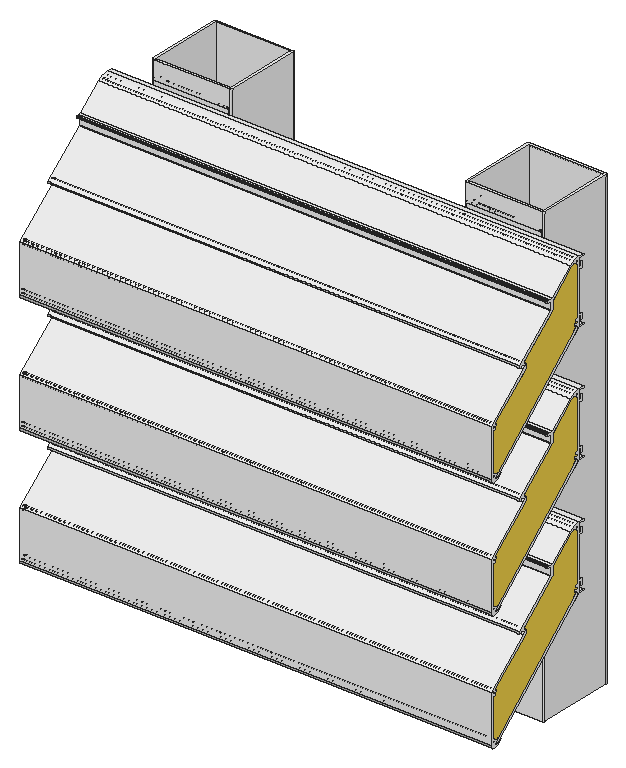
Revit family "Ventüer_AcousticLouvres_AL-150WGB", category Generic Models, Revit 2020
Family settings
  Can host rebar = No
  Round Connector Dimension = Use Diameter
  Part Type = Normal
  Work Plane-Based = Yes
  Always vertical = No
  Cut with Voids When Loaded = Yes
  Shared = No
  Room Calculation Point = No
Parameters (values of type "AL-150WGB")
  Ventüer Product Range = "Acoustic Louvres"  # constant formula
  URL = "https://www.ventuer.co/products/acoustic-louvres/al-150wgb"
  Support To Frame Gap = Bottom Blade Offset + 108.5 mm  # 158.5 mm
  Static Pressure Min = 10.0 Pa
  Static Pressure Max = 60.0 Pa
  Specified Pressure Drop = 21.0 Pa
  Specified Air Flow = 0.0 L/s
  Single Transition = if(Frame Set Count = 2, 1 = 1, 1 = 0)  # no
  Single Frame Set Width = Frame Set Width / Frame Set Count Check  # 197 mm
  Single Frame Set = if(Frame Set Count = 1, 1 = 1, 1 = 0)  # yes
  Post Size = 100 mm
  Fill Material = Ventüer Insulation
  End Frame Offset = (Post Size / 2) + 50 mm  # 100 mm
  Actual Neck Height = (Blade Count * Blade Centres) + Bottom Blade Offset + 75 mm  # 575 mm
  Blade Length = Exact Neck Width Check  # 594 mm
  Rain Defence Performance = "Class B - up to 0.5m/s suction velocity. Class C - up to 1.5m/s suction velocity. Class D - up to 3.5m/s suction velocity"
  Nominated Pessure Drop = if(Specified Pressure Drop > Static Pressure Max, Static Pressure Max, if(Specified Pressure Drop < Static Pressure Min, Static Pressure Min, Specified Pressure Drop))  # 21.0 Pa
  Nominated Air Flow = if(Specified Air Flow > Max Flow, Max Flow, if(Specified Air Flow < Min Flow, Min Flow, Specified Air Flow))  # 100.0 L/s
  Nominal Width = 600 mm
  Nominal Height = 600 mm
  Noise Level NC Min = "0.00 NC"
  Noise Level NC Max = "0.00 NC"
  Multiple Transition = if(Frame Set Count > 2, 1 = 1, 1 = 0)  # no
  Multiple Frame Set = if(Frame Set Count > 1, 1 = 1, 1 = 0)  # no
  Model = "AL-150WGB"  # constant formula
  Min Flow = 100.0 L/s
  Max Flow = 5000.0 L/s
  Manufacturer = "Ventüer"  # constant formula
  Keynote = "AL-150WGB"
  Bottom Blade Offset = 50 mm
  Frame Set Width = Exact Neck Width Check - (End Frame Offset * 2)  # 394 mm
  Frame Set Transition Count Check = if(Frame Set Transition Count < 2, 2, Frame Set Transition Count)  # 2
  Frame Set Transition Count = rounddown(Frame Set Width / 1500 mm)  # 0
  Frame Set Count Check = if(Frame Set Count < 2, 2, Frame Set Count)  # 2
  Frame Set Count = roundup(Exact Neck Width Check / 1500 mm)  # 1
  Exact Neck Width Check = if(Exact Neck Width < 300 mm, 300 mm, Exact Neck Width)  # 594 mm
  Exact Neck Width = Nominal Width - 6 mm  # 594 mm
  Exact Neck Height Check = if(Exact Neck Height < 450 mm, 450 mm, Exact Neck Height)  # 594 mm
  Exact Neck Height = Nominal Height - 6 mm  # 594 mm
  Description = "Soundwall - Shallow"  # constant formula
  Depth = Post Size + 145 mm  # 245 mm
  Default Elevation = 1219.2 mm
  Blade Material = Ventüer Aluminium
  Blade Count = rounddown(Exact Neck Height Check / Blade Centres)  # 3
  Blade Centres = 150 mm
  Ancillaries = "-"
  Aerodynamic Performance = "Air Inlet: 0.192, Class 4. Air Extract: 0.207, Class 3"
Reference planes
  plane 1 "Front": y = 0
  plane 2: z = 0
  plane 3 "Center (Left/Right)": x = 0
  plane 4: x = 297
  plane 5: x = -297
  plane 6: y = 245
  plane 7: z = 594
  plane 8: z = 0
  plane 9: x = -297
  plane 10: x = 297
  plane 11: z = 50
  plane 12: z = 200
  plane 13: z = 594
  plane 14: y = 145
  plane 15: x = 0
  plane 16: x = 0
  plane 17: x = -197
  plane 18: x = 197
  plane 19: x = 197
  plane 20: z = 575
  plane 21: y = 122.5
  plane 22: z = 297
Dimensions and locks
  equal spacing: plane 5, plane 3 "Center (Left/Right)", plane 4
  "Exact Neck Width Check": plane 5 to plane 4
  plane 8 to level = 0 mm
  "Bottom Blade Offset": plane 11 to plane 8
  "Blade Centres": plane 12 to plane 11
  "Exact Neck Height Check": plane 7 to level
  plane 5 to plane 9 = 0 mm
  plane 10 to plane 4 = 0 mm
  equal spacing: group 1, group 2, group 3  (x3)
  "Post Size": plane 6 to plane 14
  "Single Frame Set Width": plane 15 to plane 19
  group 4 to group 5 = 197 mm
  group 5 to group 4 = 0 mm
  group 4 to group 5 = 0 mm
  locked: plane 14 to nested 1 at 0.209
  locked: plane 14 to nested 2 at 0.209
  "End Frame Offset": plane 9 to plane 17
  "End Frame Offset": plane 18 to plane 10
  "Single Frame Set Width": plane 17 to plane 15
  "Depth": plane 6 to plane 1 "Front"
  "Actual Neck Height": plane 20 to level
  equal spacing: plane 1 "Front", plane 21, plane 6
  equal spacing: plane 13, plane 22, level
  aligned and locked: level to plane 2
  aligned and locked: plane 3 "Center (Left/Right)" to nested 1
  aligned and locked: plane 3 "Center (Left/Right)" to nested 2
  aligned and locked: nested 5 to plane 15
  aligned and locked: nested 5 to plane 14
  aligned and locked: nested 5 to plane 8
  aligned and locked: nested 4 to plane 14
  aligned and locked: nested 4 to plane 8
  aligned and locked: plane 11 to nested 1
  aligned and locked: nested 7 to plane 14
  aligned and locked: plane 14 to nested 8
  aligned and locked: plane 12 to nested 2
  aligned and locked: nested 7 to plane 17
  aligned and locked: plane 18 to nested 8
  aligned and locked: nested 6 to plane 14
  aligned and locked: nested 6 to plane 19
Nested families
  nested 1: "AL-150WGB_Front Blade" at (0, 144.791, 50), Length <- "Blade Length", type "AL-150WGB_Front Blade"
    with Length 594 mm
  nested 2: "AL-150WGB_Front Blade" at (0, 144.791, 200), Length <- "Blade Length", type "AL-150WGB_Front Blade"
    with Length 594 mm
  nested 3: "AL-150WGB_Front Blade" at (0, 144.791, 350), Length <- "Blade Length", type "AL-150WGB_Front Blade"
    with Length 594 mm
  nested 4: "AL-150WGB_Stiffener" at (0, 145, 0), visible <- "Single Transition", type "AL-150WGB_Stiffener"
  nested 5: "AL-150WGB_Stiffener" at (0, 145, 0), visible <- "Multiple Transition", type "AL-150WGB_Stiffener"
  nested 6: "AL-150WGB_Stiffener" at (197, 145, 0), visible <- "Multiple Transition", type "AL-150WGB_Stiffener"
  nested 7: "AL-150WGB_Stiffener" at (-197, 145, 0), type "AL-150WGB_Stiffener"
  nested 8: "AL-150WGB_Stiffener" at (197, 145, 0) x (-1, 0, 0) z (0, 0, 1), type "AL-150WGB_Stiffener"
Connectors
  hvac at (0, 242, 287.5), driven by "Actual Neck Height", driven by "Exact Neck Width Check"
    settings: on nested 4, index 1, duct flow 0.0 L/s, flow factor 0, pres drop 0.0 Pa, loss coef 0, conn angle 0.00°, conn width 594 mm, conn height 575 mm, conn diameter 609.6 mm, duct sys type 1, conn prof type 1, flow config 0, flow direction 0, loss method 0, conn ref index -1, conn util no, is conn primary yes, conn desc ""
Definition of nested family "AL-150WGB_Front Blade"
  Parameters (values of type "AL-150WGB_Front Blade")
    Length [instance] = 1000 mm
    Fill Material = none
    Default Elevation = 0 mm
    Blade Material = none
  Reference planes
    plane 1 "Center (Front/Back)": y = 0
    plane 2: z = 0
    plane 3 "Center (Left/Right)": x = 0
    plane 4: x = 500
    plane 5: x = -500
  Forms (mm)
    Extrusion 1, solid, material <- "Blade Material", detail levels medium+fine
      sketch origin (-125, 650.006, -981.549) x (0, 1, 0) y (0, 0, 1)
        loop
          line (-743.855, 1088.966) -> (-795.043, 1045.955) -> (-795.087, 986.075)
          arc (-795.087, 986.075) -> (-791.985, 981.92) -> (-786.862, 982.721) r 5.023
          line (-786.862, 982.721) -> (-780.729, 987.86) -> (-781.692, 989.008) -> (-787.807, 983.887) -> (-789.109, 985.404) -> (-784.509, 989.257) -> (-785.472, 990.407) -> (-786.744, 989.34)
          arc (-786.744, 989.34) -> (-787.534, 989.202) -> (-788.047, 989.819) r 0.801
          arc (-788.047, 989.819) -> (-789.007, 990.388) -> (-789.607, 989.447) r 0.802
          arc (-789.607, 989.447) -> (-792, 987.092) -> (-792.598, 990.396) r 1.899
          line (-792.598, 990.396) -> (-791.906, 990.78)
          arc (-791.906, 990.78) -> (-791.603, 991.755) -> (-792.507, 992.231) r 0.799
          arc (-792.507, 992.231) -> (-792.908, 992.347) -> (-793.082, 992.726) r 0.5
          line (-793.082, 992.726) -> (-793.048, 1040.431)
          arc (-793.048, 1040.431) -> (-792.879, 1040.802) -> (-792.491, 1040.927) r 0.503
          arc (-792.491, 1040.927) -> (-791.393, 1040.747) -> (-790.294, 1040.917) r 3.534
          arc (-790.294, 1040.917) -> (-789.813, 1041.85) -> (-790.672, 1042.452) r 0.798
          arc (-790.672, 1042.452) -> (-793.046, 1045.084) -> (-789.513, 1044.798) r 1.907
          arc (-789.513, 1044.798) -> (-788.478, 1044.497) -> (-788.084, 1045.5) r 0.799
          arc (-788.084, 1045.5) -> (-788.653, 1046.47) -> (-789.492, 1047.218) r 3.612
          arc (-789.492, 1047.218) -> (-789.689, 1047.602) -> (-789.506, 1047.993) r 0.491
          line (-789.506, 1047.993) -> (-743.033, 1086.991)
          arc (-743.033, 1086.991) -> (-741.068, 1092.175) -> (-744.606, 1096.443) r 5.51
          arc (-744.606, 1096.443) -> (-744.924, 1096.827) -> (-744.754, 1097.296) r 0.502
          line (-744.754, 1097.296) -> (-700.118, 1134.754)
          arc (-700.118, 1134.754) -> (-699.328, 1135.784) -> (-699.047, 1137.052) r 3
          line (-699.047, 1137.052) -> (-699.048, 1146.563) -> (-669.466, 1171.39) -> (-667.279, 1173.085) -> (-664.864, 1174.434)
          arc (-664.864, 1174.434) -> (-664.416, 1174.418) -> (-664.16, 1174.051) r 0.501
          line (-664.16, 1174.051) -> (-663.968, 1173.268)
          arc (-663.968, 1173.268) -> (-663.404, 1172.947) -> (-662.788, 1173.15) r 0.8
          line (-662.788, 1173.15) -> (-662.544, 1174.081)
          arc (-662.544, 1174.081) -> (-659.811, 1175.847) -> (-659.563, 1172.603) r 1.893
          line (-659.563, 1172.603) -> (-660.35, 1172.261)
          arc (-660.35, 1172.261) -> (-660.83, 1171.562) -> (-660.409, 1170.825) r 0.798
          line (-660.409, 1170.825) -> (-659.506, 1170.825)
          arc (-659.506, 1170.825) -> (-659.153, 1170.678) -> (-659.008, 1170.324) r 0.5
          line (-659.008, 1170.324) -> (-659.006, 1109.168)
          arc (-659.006, 1109.168) -> (-659.39, 1108.387) -> (-660.24, 1108.196) r 1.008
          arc (-660.24, 1108.196) -> (-660.981, 1108.205) -> (-661.708, 1108.064) r 3.66
          arc (-661.708, 1108.064) -> (-662.256, 1107.134) -> (-661.378, 1106.505) r 0.8
          line (-661.378, 1106.505) -> (-660.49, 1106.611)
          arc (-660.49, 1106.611) -> (-658.972, 1103.89) -> (-662.052, 1103.421) r 1.896
          line (-662.052, 1103.421) -> (-662.509, 1104.146)
          arc (-662.509, 1104.146) -> (-663.548, 1104.433) -> (-663.929, 1103.425) r 0.8
          arc (-663.929, 1103.425) -> (-663.315, 1102.418) -> (-662.412, 1101.659) r 3.64
          arc (-662.412, 1101.659) -> (-662.158, 1101.052) -> (-662.442, 1100.458) r 0.805
          line (-662.442, 1100.458) -> (-665.585, 1097.832) -> (-664.62, 1096.682) -> (-660.02, 1100.532) -> (-658.736, 1098.999) -> (-664.709, 1093.672) -> (-663.906, 1092.713) -> (-657.006, 1098.491) -> (-650.006, 1098.491) -> (-650.006, 1099.691) -> (-657.006, 1099.691) -> (-657.007, 1110.692) -> (-654.857, 1110.692) -> (-654.863, 1105.692) -> (-653.361, 1105.692) -> (-653.356, 1112.992) -> (-657.007, 1112.991) -> (-657.007, 1163.689) -> (-653.314, 1163.689) -> (-653.308, 1170.688) -> (-654.81, 1170.688) -> (-654.813, 1165.687) -> (-657.011, 1165.687) -> (-657.007, 1176.688) -> (-650.006, 1176.688) -> (-650.006, 1178.188) -> (-657.007, 1178.188)
          arc (-657.007, 1178.188) -> (-664.105, 1176.923) -> (-670.327, 1173.282) r 20.521
          line (-670.327, 1173.282) -> (-699.09, 1149.163) -> (-702.802, 1149.163) -> (-705.547, 1149.163)
          arc (-705.547, 1149.163) -> (-705.901, 1149.016) -> (-706.047, 1148.663) r 0.5
          line (-706.047, 1148.663) -> (-706.047, 1147.663)
          arc (-706.047, 1147.663) -> (-705.901, 1147.309) -> (-705.547, 1147.163) r 0.5
          line (-705.547, 1147.163) -> (-701.547, 1147.163)
          arc (-701.547, 1147.163) -> (-701.193, 1147.016) -> (-701.047, 1146.663) r 0.5
          line (-701.047, 1146.663) -> (-701.047, 1137.051)
          arc (-701.047, 1137.051) -> (-701.14, 1136.628) -> (-701.404, 1136.285) r 1
          line (-701.404, 1136.285) -> (-750.647, 1094.882)
          arc (-750.647, 1094.882) -> (-750.736, 1093.433) -> (-749.285, 1093.42) r 1.001
          arc (-749.285, 1093.42) -> (-744.287, 1093.977) -> (-743.855, 1088.966) r 3.512
        loop
          line (-660.509, 1099.56) -> (-788.106, 985.764) -> (-787.306, 984.87) -> (-659.71, 1098.666) -> (-660.509, 1099.56)
      from -375 to 625
    Extrusion 2, solid, material <- "Blade Material", detail levels coarse
      sketch origin (-125, 410.132, -946.251) x (0, 1, 0) y (0, 0, 1)
        loop
          line (-461.529, 1100.988) -> (-511.13, 1059.334) -> (-511.13, 1047.661) -> (-555.169, 1010.657) -> (-555.216, 946.251) -> (-548.388, 946.251) -> (-417.131, 1063.194) -> (-410.132, 1063.194) -> (-410.132, 1064.394) -> (-417.157, 1064.394) -> (-417.133, 1141.391) -> (-410.132, 1141.391) -> (-410.132, 1142.891) -> (-424.602, 1142.891) -> (-461.172, 1112.225) -> (-461.172, 1101.753)
          arc (-461.172, 1101.753) -> (-461.266, 1101.331) -> (-461.529, 1100.988) r 1
      from -375 to 625
    Extrusion 3, solid, material <- "Fill Material", detail levels medium+fine
      sketch origin (-125, 650.006, -981.549) x (0, 1, 0) y (0, 0, 1)
        loop
          arc (-662.445, 1100.455) -> (-662.161, 1101.049) -> (-662.415, 1101.656) r 0.805
          arc (-662.415, 1101.656) -> (-663.319, 1102.414) -> (-663.932, 1103.422) r 3.64
          arc (-663.932, 1103.422) -> (-663.551, 1104.43) -> (-662.512, 1104.143) r 0.8
          line (-662.512, 1104.143) -> (-662.055, 1103.418)
          arc (-662.055, 1103.418) -> (-658.975, 1103.887) -> (-660.494, 1106.608) r 1.896
          line (-660.494, 1106.608) -> (-661.382, 1106.501)
          arc (-661.382, 1106.501) -> (-662.259, 1107.13) -> (-661.712, 1108.061) r 0.8
          arc (-661.712, 1108.061) -> (-660.984, 1108.201) -> (-660.243, 1108.193) r 3.66
          arc (-660.243, 1108.193) -> (-659.393, 1108.384) -> (-659.009, 1109.165) r 1.008
          line (-659.009, 1109.165) -> (-659.011, 1170.321)
          arc (-659.011, 1170.321) -> (-659.156, 1170.675) -> (-659.509, 1170.822) r 0.5
          line (-659.509, 1170.822) -> (-660.413, 1170.822)
          arc (-660.413, 1170.822) -> (-660.833, 1171.559) -> (-660.353, 1172.258) r 0.798
          line (-660.353, 1172.258) -> (-659.566, 1172.599)
          arc (-659.566, 1172.599) -> (-659.815, 1175.844) -> (-662.548, 1174.078) r 1.893
          line (-662.548, 1174.078) -> (-662.791, 1173.146)
          arc (-662.791, 1173.146) -> (-663.407, 1172.944) -> (-663.971, 1173.265) r 0.8
          line (-663.971, 1173.265) -> (-664.163, 1174.047)
          arc (-664.163, 1174.047) -> (-664.419, 1174.415) -> (-664.867, 1174.431) r 0.501
          line (-664.867, 1174.431) -> (-667.282, 1173.082) -> (-669.469, 1171.386) -> (-699.052, 1146.559) -> (-699.05, 1137.049)
          arc (-699.05, 1137.049) -> (-699.331, 1135.781) -> (-700.122, 1134.751) r 3
          line (-700.122, 1134.751) -> (-744.758, 1097.292)
          arc (-744.758, 1097.292) -> (-744.927, 1096.824) -> (-744.609, 1096.44) r 0.502
          arc (-744.609, 1096.44) -> (-741.071, 1092.172) -> (-743.036, 1086.987) r 5.51
          line (-743.036, 1086.987) -> (-789.509, 1047.989)
          arc (-789.509, 1047.989) -> (-789.692, 1047.598) -> (-789.495, 1047.214) r 0.491
          arc (-789.495, 1047.214) -> (-788.656, 1046.466) -> (-788.088, 1045.497) r 3.612
          arc (-788.088, 1045.497) -> (-788.482, 1044.494) -> (-789.516, 1044.795) r 0.799
          arc (-789.516, 1044.795) -> (-793.049, 1045.081) -> (-790.675, 1042.449) r 1.907
          arc (-790.675, 1042.449) -> (-789.816, 1041.846) -> (-790.297, 1040.914) r 0.798
          arc (-790.297, 1040.914) -> (-791.396, 1040.743) -> (-792.494, 1040.923) r 3.534
          arc (-792.494, 1040.923) -> (-792.883, 1040.799) -> (-793.051, 1040.428) r 0.503
          line (-793.051, 1040.428) -> (-793.085, 992.723)
          arc (-793.085, 992.723) -> (-792.911, 992.343) -> (-792.51, 992.228) r 0.5
          arc (-792.51, 992.228) -> (-791.606, 991.752) -> (-791.909, 990.776) r 0.799
          line (-791.909, 990.776) -> (-792.601, 990.393)
          arc (-792.601, 990.393) -> (-792.003, 987.088) -> (-789.61, 989.444) r 1.899
          arc (-789.61, 989.444) -> (-789.01, 990.385) -> (-788.051, 989.815) r 0.802
          arc (-788.051, 989.815) -> (-787.537, 989.199) -> (-786.747, 989.336) r 0.801
          line (-786.747, 989.336) -> (-785.475, 990.404) -> (-784.376, 989.09) -> (-664.245, 1096.227) -> (-665.589, 1097.828) -> (-662.445, 1100.455)
      from -375 to 625
  Dimensions and locks
    equal spacing: plane 4, plane 3 "Center (Left/Right)", plane 5
    "Length": plane 4 to plane 5
    aligned and locked: level to plane 2
    aligned and locked: plane 4 to Extrusion 1
    aligned and locked: plane 5 to Extrusion 1
    aligned and locked: plane 4 to Extrusion 2
    aligned and locked: plane 5 to Extrusion 2
    aligned and locked: plane 5 to Extrusion 3
    aligned and locked: plane 4 to Extrusion 3
  Automatic sketch dimensions
    Extrusion 1 sketch curve to plane 1 "Center (Front/Back)" = 0 mm  (x2)
    plane 1 "Center (Front/Back)" to Extrusion 1 sketch curve = 3.302 mm
    plane 1 "Center (Front/Back)" to Extrusion 1 sketch curve = 3.307 mm
    plane 1 "Center (Front/Back)" to Extrusion 1 sketch curve = 3.35 mm
    plane 1 "Center (Front/Back)" to Extrusion 1 sketch curve = 3.355 mm
    Extrusion 1 sketch curve to Extrusion 1 sketch curve = 1.501 mm  (x3)
    Extrusion 1 sketch curve to Extrusion 1 sketch curve = 1.499 mm  (x2)
    plane 1 "Center (Front/Back)" to Extrusion 1 sketch curve = 6.999 mm
    Extrusion 1 sketch curve to Extrusion 1 sketch curve = 0 mm  (x4)
    Extrusion 1 sketch curve to Extrusion 1 sketch curve = 2.15 mm  (x2)
    plane 1 "Center (Front/Back)" to Extrusion 1 sketch curve = 7.001 mm
    Extrusion 1 sketch curve to Extrusion 1 sketch curve = 0.003 mm
    Extrusion 1 sketch curve to Extrusion 1 sketch curve = 0.005 mm
    Extrusion 1 sketch curve to Extrusion 1 sketch curve = 1.73 mm
    Extrusion 1 sketch curve to Extrusion 1 sketch curve = 1.998 mm  (x2)
    Extrusion 1 sketch curve to Extrusion 1 sketch curve = 4.198 mm
    Extrusion 1 sketch curve to Extrusion 1 sketch curve = 0.498 mm
    Extrusion 1 sketch curve to Extrusion 1 sketch curve = 0.5 mm  (x4)
    Extrusion 1 sketch curve to Extrusion 1 sketch curve = 0.057 mm
    Extrusion 1 sketch curve to Extrusion 1 sketch curve = 0.974 mm
    Extrusion 1 sketch curve to Extrusion 1 sketch curve = 1.008 mm
    Extrusion 1 sketch curve to Extrusion 1 sketch curve = 0.31 mm
    Extrusion 1 sketch curve to Extrusion 1 sketch curve = 0.526 mm
    Extrusion 1 sketch curve to Extrusion 1 sketch curve = 0.318 mm
    Extrusion 1 sketch curve to Extrusion 1 sketch curve = 0.377 mm
    Extrusion 1 sketch curve to Extrusion 1 sketch curve = 0.476 mm
    Extrusion 1 sketch curve to Extrusion 1 sketch curve = 0.489 mm
    Extrusion 1 sketch curve to Extrusion 1 sketch curve = 0.064 mm
    Extrusion 1 sketch curve to Extrusion 1 sketch curve = 1.09 mm
    Extrusion 1 sketch curve to Extrusion 1 sketch curve = 0.098 mm
    Extrusion 1 sketch curve to Extrusion 1 sketch curve = 0.12 mm
    Extrusion 1 sketch curve to Extrusion 1 sketch curve = 0.888 mm
    Extrusion 1 sketch curve to Extrusion 1 sketch curve = 0.095 mm
    Extrusion 1 sketch curve to Extrusion 1 sketch curve = 1.399 mm
    Extrusion 1 sketch curve to Extrusion 1 sketch curve = 1.933 mm
    Extrusion 1 sketch curve to Extrusion 1 sketch curve = 0.457 mm
    Extrusion 1 sketch curve to Extrusion 1 sketch curve = 1.892 mm
    Extrusion 1 sketch curve to Extrusion 1 sketch curve = 0.243 mm
    Extrusion 1 sketch curve to Extrusion 1 sketch curve = 0.521 mm
    Extrusion 1 sketch curve to Extrusion 1 sketch curve = 0.677 mm
    Extrusion 1 sketch curve to Extrusion 1 sketch curve = 0.537 mm
    Extrusion 1 sketch curve to Extrusion 1 sketch curve = 4.196 mm
    Extrusion 1 sketch curve to Extrusion 1 sketch curve = 0.644 mm
    Extrusion 1 sketch curve to Extrusion 1 sketch curve = 0.192 mm
    Extrusion 1 sketch curve to Extrusion 1 sketch curve = 0.714 mm
    Extrusion 1 sketch curve to Extrusion 1 sketch curve = 0.496 mm
    Extrusion 1 sketch curve to Extrusion 1 sketch curve = 0.208 mm
    Extrusion 1 sketch curve to Extrusion 1 sketch curve = 0.965 mm
    Extrusion 1 sketch curve to Extrusion 1 sketch curve = 2.415 mm
    Extrusion 1 sketch curve to Extrusion 1 sketch curve = 2.187 mm
    Extrusion 1 sketch curve to Extrusion 1 sketch curve = 0.861 mm
    Extrusion 1 sketch curve to Extrusion 1 sketch curve = 29.581 mm
    Extrusion 1 sketch curve to Extrusion 1 sketch curve = 0.002 mm  (x2)
    Extrusion 1 sketch curve to Extrusion 1 sketch curve = 0.042 mm
    Extrusion 1 sketch curve to Extrusion 1 sketch curve = 1.072 mm
    Extrusion 1 sketch curve to Extrusion 1 sketch curve = 2 mm
    Extrusion 1 sketch curve to Extrusion 1 sketch curve = 0.357 mm
    Extrusion 1 sketch curve to Extrusion 1 sketch curve = 0.643 mm  (x2)
    Extrusion 1 sketch curve to Extrusion 1 sketch curve = 1.255 mm
    Extrusion 1 sketch curve to Extrusion 1 sketch curve = 2.746 mm
    Extrusion 1 sketch curve to Extrusion 1 sketch curve = 42.914 mm
    Extrusion 1 sketch curve to Extrusion 1 sketch curve = 0.822 mm
    Extrusion 1 sketch curve to Extrusion 1 sketch curve = 0.575 mm
    Extrusion 1 sketch curve to Extrusion 1 sketch curve = 0.325 mm
    Extrusion 1 sketch curve to Extrusion 1 sketch curve = 2.648 mm
    Extrusion 1 sketch curve to Extrusion 1 sketch curve = 0.012 mm
    Extrusion 1 sketch curve to Extrusion 1 sketch curve = 3.49 mm
    level to Extrusion 1 sketch curve = 6.311 mm
    Extrusion 1 sketch curve to Extrusion 1 sketch curve = 37.696 mm
    level to Extrusion 1 sketch curve = 7.459 mm
    Extrusion 1 sketch curve to Extrusion 1 sketch curve = 0.963 mm  (x2)
    level to Extrusion 1 sketch curve = 7.708 mm
    Extrusion 1 sketch curve to Extrusion 1 sketch curve = 2.817 mm
    level to Extrusion 1 sketch curve = 8.858 mm
    level to Extrusion 1 sketch curve = 7.791 mm
    Extrusion 1 sketch curve to Extrusion 1 sketch curve = 1.272 mm
    level to Extrusion 1 sketch curve = 1.173 mm
    Extrusion 1 sketch curve to Extrusion 1 sketch curve = 0.118 mm
    Extrusion 1 sketch curve to Extrusion 1 sketch curve = 0.514 mm
    level to Extrusion 1 sketch curve = 3.321 mm
    Extrusion 1 sketch curve to Extrusion 1 sketch curve = 0.444 mm
    level to Extrusion 1 sketch curve = 2.339 mm
    Extrusion 1 sketch curve to Extrusion 1 sketch curve = 0.501 mm
    level to Extrusion 1 sketch curve = 4.216 mm
    Extrusion 1 sketch curve to Extrusion 1 sketch curve = 0.799 mm
    Extrusion 1 sketch curve to Extrusion 1 sketch curve = 1.563 mm
    Extrusion 1 sketch curve to Extrusion 1 sketch curve = 3.359 mm
    level to Extrusion 1 sketch curve = 3.856 mm
    Extrusion 1 sketch curve to Extrusion 1 sketch curve = 1.004 mm
    Extrusion 1 sketch curve to Extrusion 1 sketch curve = 0.367 mm
    level to Extrusion 1 sketch curve = 66.444 mm
    Extrusion 1 sketch curve to Extrusion 1 sketch curve = 0.308 mm
    Extrusion 1 sketch curve to Extrusion 1 sketch curve = 0.979 mm
    Extrusion 1 sketch curve to Extrusion 1 sketch curve = 1.757 mm
    Extrusion 1 sketch curve to Extrusion 1 sketch curve = 0.748 mm
    Extrusion 1 sketch curve to Extrusion 1 sketch curve = 0.041 mm  (x2)
    Extrusion 1 sketch curve to Extrusion 1 sketch curve = 1.338 mm
    Extrusion 1 sketch curve to Extrusion 1 sketch curve = 0.069 mm
    level to Extrusion 1 sketch curve = 9.231 mm
    Extrusion 1 sketch curve to Extrusion 1 sketch curve = 0.48 mm
    Extrusion 1 sketch curve to Extrusion 1 sketch curve = 0.436 mm
    Extrusion 1 sketch curve to Extrusion 1 sketch curve = 1.957 mm
    Extrusion 1 sketch curve to Extrusion 1 sketch curve = 0.24 mm
    level to Extrusion 1 sketch curve = 8.847 mm
    Extrusion 1 sketch curve to Extrusion 1 sketch curve = 0.692 mm
    level to Extrusion 1 sketch curve = 58.882 mm
    Extrusion 1 sketch curve to Extrusion 1 sketch curve = 0.503 mm
    level to Extrusion 1 sketch curve = 11.178 mm
    level to Extrusion 1 sketch curve = 64.406 mm
    Extrusion 1 sketch curve to Extrusion 1 sketch curve = 3.597 mm
    level to Extrusion 1 sketch curve = 4.526 mm
    Extrusion 1 sketch curve to Extrusion 1 sketch curve = 3.661 mm
    Extrusion 1 sketch curve to Extrusion 1 sketch curve = 1.494 mm
    Extrusion 1 sketch curve to Extrusion 1 sketch curve = 0.268 mm
    Extrusion 1 sketch curve to Extrusion 1 sketch curve = 0.615 mm
    Extrusion 1 sketch curve to Extrusion 1 sketch curve = 0.67 mm
    Extrusion 1 sketch curve to Extrusion 1 sketch curve = 0.001 mm  (x2)
    Extrusion 1 sketch curve to Extrusion 1 sketch curve = 0.004 mm
    Extrusion 1 sketch curve to Extrusion 1 sketch curve = 1.232 mm
    Extrusion 1 sketch curve to Extrusion 1 sketch curve = 2.521 mm
    Extrusion 1 sketch curve to Extrusion 1 sketch curve = 0.06 mm
    Extrusion 1 sketch curve to Extrusion 1 sketch curve = 0.975 mm
    Extrusion 1 sketch curve to Extrusion 1 sketch curve = 0.382 mm  (x2)
    Extrusion 1 sketch curve to Extrusion 1 sketch curve = 38.998 mm
    Extrusion 1 sketch curve to Extrusion 1 sketch curve = 1.976 mm
    Extrusion 1 sketch curve to Extrusion 1 sketch curve = 2.294 mm
    Extrusion 1 sketch curve to Extrusion 1 sketch curve = 0.01 mm
    Extrusion 1 sketch curve to Extrusion 1 sketch curve = 5.722 mm
    Extrusion 1 sketch curve to Extrusion 1 sketch curve = 2.855 mm
    Extrusion 1 sketch curve to Extrusion 1 sketch curve = 3.969 mm
    Extrusion 1 sketch curve to Extrusion 1 sketch curve = 5.643 mm
    Extrusion 1 sketch curve to Extrusion 1 sketch curve = 1.15 mm
    Extrusion 1 sketch curve to Extrusion 1 sketch curve = 1.81 mm
    Extrusion 1 sketch curve to Extrusion 1 sketch curve = 0.175 mm
    Extrusion 1 sketch curve to Extrusion 1 sketch curve = 0.333 mm
    Extrusion 1 sketch curve to Extrusion 1 sketch curve = 0.894 mm
    Extrusion 1 sketch curve to Extrusion 1 sketch curve = 1.199 mm
    Extrusion 1 sketch curve to Extrusion 1 sketch curve = 0.898 mm
    Extrusion 1 sketch curve to Extrusion 1 sketch curve = 0.972 mm
    Extrusion 1 sketch curve to Extrusion 1 sketch curve = 0.614 mm
    Extrusion 1 sketch curve to Extrusion 1 sketch curve = 2.349 mm
    Extrusion 1 sketch curve to Extrusion 1 sketch curve = 0.299 mm
    Extrusion 1 sketch curve to Extrusion 1 sketch curve = 0.426 mm
    Extrusion 1 sketch curve to Extrusion 1 sketch curve = 1.138 mm
    Extrusion 1 sketch curve to Extrusion 1 sketch curve = 0.165 mm
    Extrusion 1 sketch curve to Extrusion 1 sketch curve = 0.066 mm
    Extrusion 1 sketch curve to Extrusion 1 sketch curve = 6.001 mm
    Extrusion 1 sketch curve to Extrusion 1 sketch curve = 0.106 mm
    Extrusion 1 sketch curve to Extrusion 1 sketch curve = 0.794 mm
    Extrusion 1 sketch curve to Extrusion 1 sketch curve = 2.557 mm
    Extrusion 1 sketch curve to Extrusion 1 sketch curve = 0.011 mm
    Extrusion 1 sketch curve to Extrusion 1 sketch curve = 1.524 mm
    Extrusion 1 sketch curve to Extrusion 1 sketch curve = 2.298 mm
    Extrusion 1 sketch curve to Extrusion 1 sketch curve = 2.3 mm
    Extrusion 1 sketch curve to Extrusion 1 sketch curve = 27.455 mm
    Extrusion 1 sketch curve to Extrusion 1 sketch curve = 1.531 mm
    Extrusion 1 sketch curve to Extrusion 1 sketch curve = 9.51 mm
    Extrusion 1 sketch curve to Extrusion 1 sketch curve = 0.1 mm
    Extrusion 1 sketch curve to Extrusion 1 sketch curve = 1 mm
    Extrusion 1 sketch curve to Extrusion 1 sketch curve = 8.504 mm
    Extrusion 1 sketch curve to Extrusion 1 sketch curve = 6.022 mm
    Extrusion 1 sketch curve to Extrusion 1 sketch curve = 4.637 mm
    Extrusion 1 sketch curve to Extrusion 1 sketch curve = 5.001 mm
    Extrusion 1 sketch curve to Extrusion 1 sketch curve = 0.564 mm
    Extrusion 1 sketch curve to Extrusion 1 sketch curve = 0.703 mm
    Extrusion 1 sketch curve to Extrusion 1 sketch curve = 0.342 mm
    Extrusion 1 sketch curve to Extrusion 1 sketch curve = 1.695 mm
    Extrusion 1 sketch curve to Extrusion 1 sketch curve = 0.889 mm
    Extrusion 1 sketch curve to Extrusion 1 sketch curve = 0.119 mm
    Extrusion 1 sketch curve to Extrusion 1 sketch curve = 1.893 mm
    Extrusion 1 sketch curve to Extrusion 1 sketch curve = 0.71 mm
    Extrusion 1 sketch curve to Extrusion 1 sketch curve = 0.072 mm
    Extrusion 1 sketch curve to Extrusion 1 sketch curve = 0.339 mm
    Extrusion 1 sketch curve to Extrusion 1 sketch curve = 0.225 mm
    Extrusion 1 sketch curve to Extrusion 1 sketch curve = 0.551 mm
    Extrusion 1 sketch curve to Extrusion 1 sketch curve = 0.803 mm
    Extrusion 1 sketch curve to Extrusion 1 sketch curve = 0.719 mm
    Extrusion 1 sketch curve to Extrusion 1 sketch curve = 0.024 mm
    Extrusion 1 sketch curve to Extrusion 1 sketch curve = 0.79 mm
    Extrusion 1 sketch curve to Extrusion 1 sketch curve = 0.746 mm
    Extrusion 1 sketch curve to Extrusion 1 sketch curve = 0.294 mm  (x2)
    Extrusion 1 sketch curve to Extrusion 1 sketch curve = 0.682 mm
    Extrusion 1 sketch curve to Extrusion 1 sketch curve = 0.084 mm
    Extrusion 1 sketch curve to Extrusion 1 sketch curve = 0.029 mm
    Extrusion 1 sketch curve to Extrusion 1 sketch curve = 0.959 mm
    Extrusion 2 sketch curve to level = 0 mm
    Extrusion 2 sketch curve to plane 1 "Center (Front/Back)" = 0 mm  (x2)
    plane 1 "Center (Front/Back)" to Extrusion 2 sketch curve = 6.999 mm
    plane 1 "Center (Front/Back)" to Extrusion 2 sketch curve = 7.001 mm
    Extrusion 2 sketch curve to Extrusion 2 sketch curve = 0.026 mm
    Extrusion 2 sketch curve to Extrusion 2 sketch curve = 7.469 mm
    Extrusion 2 sketch curve to Extrusion 2 sketch curve = 36.57 mm
    Extrusion 2 sketch curve to Extrusion 2 sketch curve = 0.357 mm
    Extrusion 2 sketch curve to Extrusion 2 sketch curve = 0.643 mm
    Extrusion 2 sketch curve to Extrusion 2 sketch curve = 49.601 mm
    Extrusion 2 sketch curve to Extrusion 2 sketch curve = 37.258 mm
    level to Extrusion 2 sketch curve = 64.406 mm
    Extrusion 2 sketch curve to Extrusion 2 sketch curve = 44.039 mm
    Extrusion 2 sketch curve to Extrusion 2 sketch curve = 6.828 mm
    Extrusion 2 sketch curve to Extrusion 2 sketch curve = 37.004 mm
    Extrusion 2 sketch curve to Extrusion 2 sketch curve = 11.672 mm
    Extrusion 2 sketch curve to Extrusion 2 sketch curve = 3.86 mm
    Extrusion 2 sketch curve to Extrusion 2 sketch curve = 1.199 mm
    Extrusion 2 sketch curve to Extrusion 2 sketch curve = 36.594 mm
    Extrusion 2 sketch curve to Extrusion 2 sketch curve = 10.472 mm
    Extrusion 2 sketch curve to Extrusion 2 sketch curve = 29.166 mm
    Extrusion 2 sketch curve to Extrusion 2 sketch curve = 1.499 mm
    level to Extrusion 3 sketch curve = 11.174 mm
    level to Extrusion 3 sketch curve = 58.879 mm
    level to Extrusion 3 sketch curve = 8.844 mm
    Extrusion 3 sketch curve to Extrusion 3 sketch curve = 0.484 mm
    Extrusion 3 sketch curve to Extrusion 3 sketch curve = 0.5 mm  (x2)
    Extrusion 3 sketch curve to Extrusion 3 sketch curve = 0.503 mm
    Extrusion 3 sketch curve to Extrusion 3 sketch curve = 0.257 mm
    level to Extrusion 3 sketch curve = 9.228 mm
    Extrusion 3 sketch curve to Extrusion 3 sketch curve = 0.692 mm
    Extrusion 3 sketch curve to Extrusion 3 sketch curve = 1.099 mm
    Extrusion 3 sketch curve to Extrusion 3 sketch curve = 1.172 mm
    Extrusion 3 sketch curve to Extrusion 3 sketch curve = 0.069 mm
    Extrusion 3 sketch curve to Extrusion 3 sketch curve = 0.041 mm  (x2)
    Extrusion 3 sketch curve to Extrusion 3 sketch curve = 1.957 mm
    Extrusion 3 sketch curve to Extrusion 3 sketch curve = 1.871 mm
    Extrusion 3 sketch curve to Extrusion 3 sketch curve = 0.308 mm
    Extrusion 3 sketch curve to Extrusion 3 sketch curve = 0.367 mm
    Extrusion 3 sketch curve to Extrusion 3 sketch curve = 2.605 mm
    Extrusion 3 sketch curve to Extrusion 3 sketch curve = 1.563 mm
    level to Extrusion 3 sketch curve = 7.788 mm
    Extrusion 3 sketch curve to Extrusion 3 sketch curve = 0.514 mm
    Extrusion 3 sketch curve to Extrusion 3 sketch curve = 1.272 mm
    level to Extrusion 3 sketch curve = 7.542 mm
    Extrusion 3 sketch curve to Extrusion 3 sketch curve = 1.1 mm
    Extrusion 3 sketch curve to Extrusion 3 sketch curve = 0.325 mm
    Extrusion 3 sketch curve to Extrusion 3 sketch curve = 2.187 mm
    plane 1 "Center (Front/Back)" to Extrusion 3 sketch curve = 15.582 mm
    Extrusion 3 sketch curve to Extrusion 3 sketch curve = 2.415 mm
    Extrusion 3 sketch curve to Extrusion 3 sketch curve = 0.208 mm
    Extrusion 3 sketch curve to Extrusion 3 sketch curve = 0.496 mm
    Extrusion 3 sketch curve to Extrusion 3 sketch curve = 0.192 mm
    Extrusion 3 sketch curve to Extrusion 3 sketch curve = 0.644 mm
    Extrusion 3 sketch curve to Extrusion 3 sketch curve = 2.4 mm
    Extrusion 3 sketch curve to Extrusion 3 sketch curve = 0.223 mm
    Extrusion 3 sketch curve to Extrusion 3 sketch curve = 0.537 mm
    Extrusion 3 sketch curve to Extrusion 3 sketch curve = 0.78 mm
    Extrusion 3 sketch curve to Extrusion 3 sketch curve = 0.677 mm
    Extrusion 3 sketch curve to Extrusion 3 sketch curve = 0.521 mm
    Extrusion 3 sketch curve to Extrusion 3 sketch curve = 0.457 mm
    Extrusion 3 sketch curve to Extrusion 3 sketch curve = 1.036 mm
    Extrusion 3 sketch curve to Extrusion 3 sketch curve = 0.095 mm
    Extrusion 3 sketch curve to Extrusion 3 sketch curve = 1.377 mm
    Extrusion 3 sketch curve to Extrusion 3 sketch curve = 0.021 mm
    Extrusion 3 sketch curve to Extrusion 3 sketch curve = 1.892 mm
    Extrusion 3 sketch curve to Extrusion 3 sketch curve = 0.12 mm
    Extrusion 3 sketch curve to Extrusion 3 sketch curve = 1.8 mm
    Extrusion 3 sketch curve to Extrusion 3 sketch curve = 0.888 mm
    Extrusion 3 sketch curve to Extrusion 3 sketch curve = 2.378 mm
    Extrusion 3 sketch curve to Extrusion 3 sketch curve = 0.059 mm
    Extrusion 3 sketch curve to Extrusion 3 sketch curve = 0.318 mm
    Extrusion 3 sketch curve to Extrusion 3 sketch curve = 1.459 mm
    Extrusion 3 sketch curve to Extrusion 3 sketch curve = 0.787 mm
    Extrusion 3 sketch curve to Extrusion 3 sketch curve = 0.902 mm
    Extrusion 3 sketch curve to Extrusion 3 sketch curve = 0.002 mm  (x3)
    Extrusion 3 sketch curve to Extrusion 3 sketch curve = 1.008 mm
    Extrusion 3 sketch curve to Extrusion 3 sketch curve = 1.494 mm
    Extrusion 3 sketch curve to Extrusion 3 sketch curve = 0.268 mm
    Extrusion 3 sketch curve to Extrusion 3 sketch curve = 0.615 mm
    Extrusion 3 sketch curve to Extrusion 3 sketch curve = 0.67 mm
    Extrusion 3 sketch curve to Extrusion 3 sketch curve = 0.001 mm
    Extrusion 3 sketch curve to Extrusion 3 sketch curve = 0.004 mm
    Extrusion 3 sketch curve to Extrusion 3 sketch curve = 1.232 mm
    Extrusion 3 sketch curve to Extrusion 3 sketch curve = 2.521 mm
    Extrusion 3 sketch curve to Extrusion 3 sketch curve = 0.06 mm
    Extrusion 3 sketch curve to Extrusion 3 sketch curve = 0.975 mm
    Extrusion 3 sketch curve to Extrusion 3 sketch curve = 2.396 mm
    Extrusion 3 sketch curve to Extrusion 3 sketch curve = 0.382 mm  (x2)
    Extrusion 3 sketch curve to Extrusion 3 sketch curve = 38.998 mm
    Extrusion 3 sketch curve to Extrusion 3 sketch curve = 5.643 mm
    Extrusion 3 sketch curve to Extrusion 3 sketch curve = 4.227 mm
    Extrusion 3 sketch curve to Extrusion 3 sketch curve = 0.614 mm
    Extrusion 3 sketch curve to Extrusion 3 sketch curve = 2.349 mm
    Extrusion 3 sketch curve to Extrusion 3 sketch curve = 0.299 mm
    Extrusion 3 sketch curve to Extrusion 3 sketch curve = 0.426 mm
    Extrusion 3 sketch curve to Extrusion 3 sketch curve = 1.138 mm
    Extrusion 3 sketch curve to Extrusion 3 sketch curve = 0.165 mm
    Extrusion 3 sketch curve to Extrusion 3 sketch curve = 0.066 mm
    Extrusion 3 sketch curve to Extrusion 3 sketch curve = 0.106 mm
    Extrusion 3 sketch curve to Extrusion 3 sketch curve = 0.794 mm
    Extrusion 3 sketch curve to Extrusion 3 sketch curve = 2.557 mm
    Extrusion 3 sketch curve to Extrusion 3 sketch curve = 0.011 mm
    Extrusion 3 sketch curve to Extrusion 3 sketch curve = 27.455 mm
    Extrusion 3 sketch curve to Extrusion 3 sketch curve = 9.51 mm
    Extrusion 3 sketch curve to Extrusion 3 sketch curve = 0.564 mm
    Extrusion 3 sketch curve to Extrusion 3 sketch curve = 0.703 mm
    Extrusion 3 sketch curve to Extrusion 3 sketch curve = 0.342 mm
    Extrusion 3 sketch curve to Extrusion 3 sketch curve = 1.695 mm
    Extrusion 3 sketch curve to Extrusion 3 sketch curve = 0.889 mm
    Extrusion 3 sketch curve to Extrusion 3 sketch curve = 0.119 mm
    Extrusion 3 sketch curve to Extrusion 3 sketch curve = 0.71 mm
    Extrusion 3 sketch curve to Extrusion 3 sketch curve = 0.072 mm
    Extrusion 3 sketch curve to Extrusion 3 sketch curve = 0.339 mm
    Extrusion 3 sketch curve to Extrusion 3 sketch curve = 0.055 mm
    Extrusion 3 sketch curve to Extrusion 3 sketch curve = 0.084 mm
    Extrusion 3 sketch curve to Extrusion 3 sketch curve = 0.294 mm  (x2)
    Extrusion 3 sketch curve to Extrusion 3 sketch curve = 0.786 mm
    Extrusion 3 sketch curve to Extrusion 3 sketch curve = 0.682 mm
    Extrusion 3 sketch curve to Extrusion 3 sketch curve = 0.743 mm
    Extrusion 3 sketch curve to Extrusion 3 sketch curve = 0.235 mm
    Extrusion 3 sketch curve to Extrusion 3 sketch curve = 1.067 mm
    Extrusion 3 sketch curve to Extrusion 3 sketch curve = 42.914 mm
    Extrusion 3 sketch curve to Extrusion 3 sketch curve = 8.173 mm
    Extrusion 3 sketch curve to Extrusion 3 sketch curve = 1.601 mm
    Extrusion 3 sketch curve to Extrusion 3 sketch curve = 9.24 mm
    plane 1 "Center (Front/Back)" to Extrusion 3 sketch curve = 17.275 mm
    Extrusion 3 sketch curve to Extrusion 3 sketch curve = 29.581 mm
    Extrusion 3 sketch curve to Extrusion 3 sketch curve = 1.072 mm
    Extrusion 3 sketch curve to Extrusion 3 sketch curve = 1.928 mm
    Extrusion 3 sketch curve to Extrusion 3 sketch curve = 2.298 mm
    Extrusion 3 sketch curve to Extrusion 3 sketch curve = 23.762 mm
    Extrusion 3 sketch curve to Extrusion 3 sketch curve = 1.396 mm
    Extrusion 3 sketch curve to Extrusion 3 sketch curve = 3.47 mm
    Extrusion 3 sketch curve to Extrusion 3 sketch curve = 41.34 mm
    Extrusion 3 sketch curve to Extrusion 3 sketch curve = 4.28 mm
Definition of nested family "AL-150WGB_Stiffener"
  Parameters (values of type "AL-150WGB_Stiffener")
    Width = 100 mm
    Support To Frame Gap = 158.5 mm
    Length = 575 mm
    Default Elevation = 0 mm
    Clip Width = Width - 6 mm  # 94 mm
    Blade Material = none
    Blade Cut Offset = 600 mm
    Blade Count = 3
    Blade Centres = 150 mm
  Reference planes
    plane 1 "Center (Front/Back)": y = 0
    plane 2: z = 0
    plane 3 "Center (Left/Right)": x = 0
    plane 4: z = 575
    plane 5: y = 100
    plane 6: x = -50
    plane 7: x = 50
    plane 8: z = 158.5
    plane 9: z = 308.5
    plane 10: z = 600
    plane 11: y = 5.2
  Forms (mm)
    Extrusion 1, solid, material <- "Blade Material"
      sketch origin (0, 0, 0) x (1, 0, 0) y (0, 1, 0)
        loop
          arc (-48, 100) -> (-49.414, 99.414) -> (-50, 98) r 2
          line (-50, 98) -> (-50, 2)
          arc (-50, 2) -> (-49.414, 0.586) -> (-48, 0) r 2
          line (-48, 0) -> (48, 0)
          arc (48, 0) -> (49.414, 0.586) -> (50, 2) r 2
          line (50, 2) -> (50, 98)
          arc (50, 98) -> (49.414, 99.414) -> (48, 100) r 2
          line (48, 100) -> (-48, 100)
        loop
          line (47, 3) -> (47, 97) -> (-47, 97) -> (-47, 3) -> (47, 3)
      from 0 to 575
  Dimensions and locks
    "Length": plane 4 to level
    "Width": plane 1 "Center (Front/Back)" to plane 5
    equal spacing: plane 6, plane 3 "Center (Left/Right)", plane 7
    "Width": plane 6 to plane 7
    "Support To Frame Gap": plane 8 to level
    "Blade Centres": plane 9 to plane 8
    equal spacing: group 1, group 2, group 3  (x3)
    "Blade Cut Offset": plane 10 to level
    locked: plane 11 to plane 1 "Center (Front/Back)" at 5.2
    aligned and locked: level to plane 2
    aligned and locked: Extrusion 1 sketch curve to plane 1 "Center (Front/Back)"
    aligned and locked: plane 3 "Center (Left/Right)" to nested 1
    aligned and locked: Extrusion 1 to level
    aligned and locked: Extrusion 1 sketch curve to plane 5
    aligned and locked: plane 4 to Extrusion 1
    aligned and locked: plane 1 "Center (Front/Back)" to nested 1
    aligned and locked: plane 1 "Center (Front/Back)" to nested 2
    aligned and locked: plane 3 "Center (Left/Right)" to nested 2
    aligned and locked: plane 8 to nested 1
    aligned and locked: plane 9 to nested 2
  Automatic sketch dimensions
    Extrusion 1 sketch curve to plane 6 = 0 mm
    Extrusion 1 sketch curve to plane 7 = 0 mm
    Extrusion 1 sketch curve to plane 6 = 2 mm  (x2)
    Extrusion 1 sketch curve to Extrusion 1 sketch curve = 1 mm  (x5)
    Extrusion 1 sketch curve to plane 11 = 2.2 mm
  Nested families
    nested 1: "AL-150WGB_CLIP" at (0, 0, 158.5), type "Metal", detail levels medium+fine
    nested 2: "AL-150WGB_CLIP" at (0, 0, 308.5), type "Metal", detail levels medium+fine
    nested 3: "AL-150WGB_CLIP" at (0, 0, 458.5), type "Metal", detail levels medium+fine
  Definition of nested family "AL-150WGB_CLIP"
    Parameters (values of type "Metal")
      Width = 94 mm
      Default Elevation = 1219.2 mm
      Blade Material = none
    Reference planes
      plane 1 "Center (Front/Back)": y = 0
      plane 2: z = 0
      plane 3 "Center (Left/Right)": x = 0
      plane 4: x = -47
      plane 5: x = 47
    Forms (mm)
      Extrusion 1, solid, material <- "Blade Material"
        sketch origin (0, -0.209, 0) x (0, 1, 0) y (0, 0, 1)
          loop
            arc (16.64, 0) -> (21.995, 4.626) -> (20.015, 11.419) r 6.547
            arc (20.015, 11.419) -> (18.504, 11.25) -> (18.8, 9.759) r 1.033
            arc (18.8, 9.759) -> (15.542, 1.985) -> (12.894, 9.987) r 4.5
            arc (12.894, 9.987) -> (12.813, 11.382) -> (11.416, 11.419) r 1.033
            arc (11.416, 11.419) -> (9.757, 9.194) -> (9.169, 6.482) r 6.547
            line (9.169, 6.482) -> (9.169, 3.913)
            arc (9.169, 3.913) -> (8.876, 3.206) -> (8.169, 2.913) r 1
            line (8.169, 2.913) -> (4.441, 2.912)
            arc (4.441, 2.912) -> (3.568, 3.273) -> (3.206, 4.146) r 1.235
            line (3.206, 4.146) -> (3.205, 11.9)
            arc (3.205, 11.9) -> (2.883, 12.676) -> (2.106, 12.998) r 1.099
            line (2.106, 12.998) -> (1.102, 12.998)
            arc (1.102, 12.998) -> (0.466, 13.261) -> (0.203, 13.896) r 0.899
            line (0.203, 13.896) -> (0.196, 24.561)
            arc (0.196, 24.561) -> (-0.224, 25.576) -> (-1.239, 25.997) r 1.437
            line (-1.239, 25.997) -> (-3.429, 26)
            arc (-3.429, 26) -> (-3.831, 26.167) -> (-3.997, 26.569) r 0.569
            line (-3.997, 26.569) -> (-3.997, 69.622)
            arc (-3.997, 69.622) -> (-3.831, 70.024) -> (-3.429, 70.191) r 0.569
            line (-3.429, 70.191) -> (-1.239, 70.194)
            arc (-1.239, 70.194) -> (-0.224, 70.615) -> (0.196, 71.63) r 1.437
            line (0.196, 71.63) -> (0.203, 82.295)
            arc (0.203, 82.295) -> (0.466, 82.93) -> (1.102, 83.193) r 0.899
            line (1.102, 83.193) -> (2.106, 83.193)
            arc (2.106, 83.193) -> (2.883, 83.515) -> (3.205, 84.291) r 1.099
            line (3.205, 84.291) -> (3.206, 92.045)
            arc (3.206, 92.045) -> (3.568, 92.918) -> (4.441, 93.279) r 1.235
            line (4.441, 93.279) -> (8.169, 93.278)
            arc (8.169, 93.278) -> (8.876, 92.985) -> (9.169, 92.278) r 1
            line (9.169, 92.278) -> (9.169, 89.709)
            arc (9.169, 89.709) -> (9.757, 86.997) -> (11.416, 84.772) r 6.547
            arc (11.416, 84.772) -> (12.813, 84.809) -> (12.894, 86.204) r 1.033
            arc (12.894, 86.204) -> (15.542, 94.206) -> (18.8, 86.432) r 4.5
            arc (18.8, 86.432) -> (18.504, 84.941) -> (20.015, 84.772) r 1.033
            arc (20.015, 84.772) -> (21.995, 91.565) -> (16.64, 96.191) r 6.547
            line (16.64, 96.191) -> (0.789, 96.191)
            arc (0.789, 96.191) -> (0.38, 96.022) -> (0.211, 95.614) r 0.577
            line (0.211, 95.614) -> (0.205, 86.193) -> (-5.487, 86.194)
            arc (-5.487, 86.194) -> (-6.987, 84.695) -> (-5.487, 83.194) r 1.5
            line (-5.487, 83.194) -> (-3.295, 83.194) -> (-3.303, 73.194) -> (-5.633, 73.194)
            arc (-5.633, 73.194) -> (-6.6, 72.794) -> (-7.001, 71.827) r 1.367
            line (-7.001, 71.827) -> (-7.001, 24.364)
            arc (-7.001, 24.364) -> (-6.6, 23.397) -> (-5.633, 22.996) r 1.367
            line (-5.633, 22.996) -> (-3.303, 22.997) -> (-3.295, 12.997) -> (-5.487, 12.997)
            arc (-5.487, 12.997) -> (-6.987, 11.496) -> (-5.487, 9.997) r 1.5
            line (-5.487, 9.997) -> (0.205, 9.998) -> (0.211, 0.577)
            arc (0.211, 0.577) -> (0.38, 0.169) -> (0.789, 0) r 0.577
            line (0.789, 0) -> (16.64, 0)
        from -47 to 47
    Dimensions and locks
      equal spacing: plane 4, plane 3 "Center (Left/Right)", plane 5
      "Width": plane 4 to plane 5
      aligned and locked: level to plane 2
      aligned and locked: plane 4 to Extrusion 1
      aligned and locked: Extrusion 1 to plane 4
      aligned and locked: plane 5 to Extrusion 1
    Automatic sketch dimensions
      Extrusion 1 sketch curve to Extrusion 1 sketch curve = 0 mm  (x39)
      Extrusion 1 sketch curve to level = 0 mm
      plane 1 "Center (Front/Back)" to Extrusion 1 sketch curve = 7.21 mm
      Extrusion 1 sketch curve to Extrusion 1 sketch curve = 1.367 mm  (x2)
      plane 1 "Center (Front/Back)" to Extrusion 1 sketch curve = 5.697 mm  (x2)
      Extrusion 1 sketch curve to Extrusion 1 sketch curve = 1.637 mm
      Extrusion 1 sketch curve to Extrusion 1 sketch curve = 0.568 mm
      Extrusion 1 sketch curve to Extrusion 1 sketch curve = 2.205 mm
      Extrusion 1 sketch curve to Extrusion 1 sketch curve = 0.001 mm  (x5)
      Extrusion 1 sketch curve to Extrusion 1 sketch curve = 2.331 mm  (x2)
      Extrusion 1 sketch curve to Extrusion 1 sketch curve = 2.192 mm  (x2)
      plane 1 "Center (Front/Back)" to Extrusion 1 sketch curve = 1.45 mm  (x2)
      plane 1 "Center (Front/Back)" to Extrusion 1 sketch curve = 1.448 mm  (x2)
      plane 1 "Center (Front/Back)" to Extrusion 1 sketch curve = 0.013 mm  (x2)
      plane 1 "Center (Front/Back)" to Extrusion 1 sketch curve = 0.006 mm  (x2)
      plane 1 "Center (Front/Back)" to Extrusion 1 sketch curve = 0.004 mm  (x2)
      Extrusion 1 sketch curve to plane 1 "Center (Front/Back)" = 0.002 mm  (x2)
      Extrusion 1 sketch curve to plane 1 "Center (Front/Back)" = 0.579 mm  (x2)
      Extrusion 1 sketch curve to Extrusion 1 sketch curve = 0.899 mm  (x3)
      Extrusion 1 sketch curve to Extrusion 1 sketch curve = 1.004 mm  (x2)
      Extrusion 1 sketch curve to Extrusion 1 sketch curve = 1.099 mm  (x2)
      Extrusion 1 sketch curve to plane 1 "Center (Front/Back)" = 2.997 mm  (x2)
      Extrusion 1 sketch curve to Extrusion 1 sketch curve = 1.235 mm  (x2)
      Extrusion 1 sketch curve to Extrusion 1 sketch curve = 3.728 mm  (x2)
      level to Extrusion 1 sketch curve = 2.913 mm
      Extrusion 1 sketch curve to Extrusion 1 sketch curve = 1 mm  (x2)
      Extrusion 1 sketch curve to Extrusion 1 sketch curve = 2.926 mm  (x2)
      Extrusion 1 sketch curve to Extrusion 1 sketch curve = 3.621 mm  (x4)
      Extrusion 1 sketch curve to Extrusion 1 sketch curve = 0.924 mm  (x2)
      level to Extrusion 1 sketch curve = 0.577 mm
      level to Extrusion 1 sketch curve = 2.912 mm
      Extrusion 1 sketch curve to Extrusion 1 sketch curve = 1.234 mm
      level to Extrusion 1 sketch curve = 6.482 mm
      level to Extrusion 1 sketch curve = 9.997 mm
      Extrusion 1 sketch curve to Extrusion 1 sketch curve = 4.159 mm  (x3)
      Extrusion 1 sketch curve to Extrusion 1 sketch curve = 1.5 mm  (x2)
      Extrusion 1 sketch curve to Extrusion 1 sketch curve = 1.902 mm  (x2)
      Extrusion 1 sketch curve to Extrusion 1 sketch curve = 0.898 mm
      Extrusion 1 sketch curve to Extrusion 1 sketch curve = 10 mm
      Extrusion 1 sketch curve to Extrusion 1 sketch curve = 1.564 mm
      Extrusion 1 sketch curve to Extrusion 1 sketch curve = 0.003 mm  (x2)
      Extrusion 1 sketch curve to Extrusion 1 sketch curve = 0.569 mm  (x2)
      Extrusion 1 sketch curve to Extrusion 1 sketch curve = 43.053 mm
      Extrusion 1 sketch curve to Extrusion 1 sketch curve = 1.436 mm
      Extrusion 1 sketch curve to Extrusion 1 sketch curve = 1.636 mm
      Extrusion 1 sketch curve to Extrusion 1 sketch curve = 9.1 mm
      Extrusion 1 sketch curve to Extrusion 1 sketch curve = 1.098 mm
      Extrusion 1 sketch curve to Extrusion 1 sketch curve = 1.259 mm
      Extrusion 1 sketch curve to Extrusion 1 sketch curve = 2.335 mm
      Extrusion 1 sketch curve to Extrusion 1 sketch curve = 2.569 mm
      Extrusion 1 sketch curve to Extrusion 1 sketch curve = 3.569 mm
      Extrusion 1 sketch curve to Extrusion 1 sketch curve = 0.573 mm
      Extrusion 1 sketch curve to Extrusion 1 sketch curve = 0.005 mm
      Extrusion 1 sketch curve to Extrusion 1 sketch curve = 0.8 mm  (x2)
      Extrusion 1 sketch curve to Extrusion 1 sketch curve = 0.537 mm  (x2)
    Nested families
      nested 1: "AL-150WGB_M8 Bolt" at (0, 15.531, 89.727) x (0, -1, 0) z (1, 0, 0), type "AL-150WGB_M8 Bolt", detail levels fine
      nested 2: "AL-150WGB_M8 Bolt" at (0, 15.531, 6.492) x (0, -1, 0) z (1, 0, 0), type "AL-150WGB_M8 Bolt", detail levels fine
      nested 3: "AL-150WGB_TEK SCREW" at (0, -0.005, 76.897) x (0, 1, 0.0014) z (1, 0, 0), type "AL-150WGB_TEK SCREW", detail levels fine
      nested 4: "AL-150WGB_TEK SCREW" at (0, -0.005, 19.29) x (0, 1, -0.0014) z (1, 0, 0), type "AL-150WGB_TEK SCREW", detail levels fine
    Definition of nested family "AL-150WGB_M8 Bolt"
      Reference planes
        plane 1 "Center (Front/Back)": y = 0
        plane 2: z = 0
        plane 3 "Center (Left/Right)": x = 0
    Definition of nested family "AL-150WGB_TEK SCREW"
      Reference planes
        plane 1 "Center (Front/Back)": y = 0
        plane 2: z = 0
        plane 3 "Center (Left/Right)": x = 0
